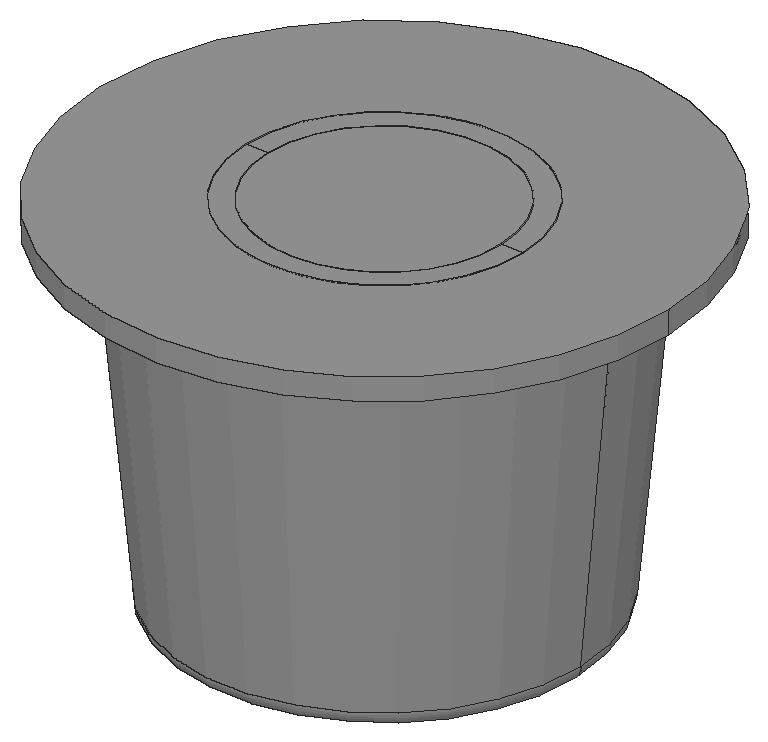
Revit family "3079344 Feilo Sylvania Lighting Fixture INST ECO KIT LED BA 36° NW DIMMABLE", category Lighting Fixtures, host Face, Revit 2017
Family settings
  Host = Face
  Round Connector Dimension = Use Diameter
  Part Type = Normal
  OmniClass Number = 23.80.70.11.17
  OmniClass Title = Specialized Lighting by Location or Use
  Cut with Voids When Loaded = No
  Light Source = Yes
  Shared = No
  Room Calculation Point = No
Parameters (values of type "3079344 INST ECO KIT LED BA 36° NW DIMMABLE")
  Weight = "7.04 kg"
  WarrantyStartDate [instance] = "n/a"
  WarrantyGuarantorParts = "n/a"
  WarrantyDurationUnit = "n/a"
  WarrantyDurationParts = "n/a"
  WarrantyDescription = "n/a"
  Voltage = 230 V
  TypeName = "INST ECO KIT LED BA 36° NW DIMMABLE"
  SerialNumber [instance] = "n/a"
  ReflectorRadius_FEILO = ReflectorDiameter_FEILO / 2  # 19.0 mm
  PowerFactor = 0
  PowerConsumption = "10 W"
  NominalWidth = 0.0 mm
  NominalLength = 78.0 mm
  NominalHeight = 50.0 mm
  Name = "INST ECO KIT LED BA 36° NW DIMMABLE"
  ModelReference = "INST ECO KIT LED BA 36° NW DIMMABLE"
  ModelNumber = "3079344"
  Material_1_FEILO = Steel_Sylvania_Instar Eco Kit LED Fixed SunDim_Silver
  ReflectorDiameter_FEILO = Diameter_FEILO - 40.0 mm  # 38.0 mm
  Radius_FEILO = 39.0 mm
  Material = "aluminium housing, plastic diffuser"
  ManufacturerName = "Feilo Sylvania"
  LuminousEfficacy = "51.5 lm/W"
  LuminaireType = ""
  LightOutputRatio = "100"
  LampsType = Lamp  # "LED"
  LampNominalLuminous = "515 lm"
  LampMacAdamStep = "n/a"
  LampColourTemperature = "4000 K"
  LampColourRenderingIndex = "83"
  Keynote = "16500"
  InstallationDate [instance] = "n/a"
  InputVoltage = "220-240V~"
  InputNominalFrequency = "n/a"
  IngressProtection = "IP44"
  ImpactProtectionIndex = "IK02"
  IfcExportType = "IfcLightFixtureType"
  IfcExportAs = "IfcLightFixtureType"
  HousingRadius_FEILO = ReflectorRadius_FEILO + 12.0 mm  # 31.0 mm
  ExpectedLife = 50000
  ElectricShockClassification = "Class II"
  DurationUnit = "hours"
  DocumentationLiterature = "http://www.sylvania-lighting.com/product/en-int/products/3079344"
  DimmingControlOptions = "Dimmable"
  DiffuserDiameter_FEILO = Diameter_FEILO - 46.0 mm  # 32.0 mm
  Diameter_FEILO = Radius_FEILO * 2  # 78.0 mm
  Wattage = 10 W
  built-in parameter 1150110 = 1 (stored number, unit not read)
  URL = "http://www.sylvania-lighting.com"
  built-in parameter 1114217 = 1 (stored number, unit not read)
  Tilt Angle = -90°
  built-in parameter 1150109 = 1 (stored number, unit not read)
  built-in parameter 1150134 = 12
  built-in parameter 1150113 = 1 (stored number, unit not read)
  Photometric Web File = "3079344.ies"
  Emit from Circle Diameter = DiffuserDiameter_FEILO  # 32.0 mm
  Emit Shape Visible in Rendering = no
  Material_2_FEILO = Polycarbonate_Sylvania_Instar Eco Kit LED Fixed SunDimi_Clear
  CutoutDiameter_FEILO = Diameter_FEILO - 10.0 mm  # 68.0 mm
  CreatedOn = "2/19/2018"
  CreatedBy = ""
  built-in parameter 1114216 [instance] = 1 (stored number, unit not read)
  Model = "INST ECO KIT LED BA 36° NW DIMMABLE"
  Manufacturer = "Feilo Sylvania"  # constant formula
  built-in parameter 1150105 = 981.6 (stored number, unit not read)
  Lumens = 515 lm
  built-in parameter 1150115 = 1 (stored number, unit not read)
  built-in parameter 1150137 = (empty or 0)
  built-in parameter 1150139 = (empty or 0)
  built-in parameter 1150112 = 1 (stored number, unit not read)
  built-in parameter 1150114 = 1 (stored number, unit not read)
  Lamp = "LED"
  built-in parameter 1150132 = 2
  built-in parameter 1150102 = (empty or 0)
  built-in parameter 1150107 = 4000 (stored number, unit not read)
  built-in parameter 1150138 = (empty or 0)
  built-in parameter 1150106 = 9.816 (stored number, unit not read)
  Material_3_FEILO = Steel_Sylvania_Instar Eco Kit LED Fixed SunDim_Silver
  built-in parameter 1150104 = 4.7845 (stored number, unit not read)
  Dimming Lamp Color Temperature Shift = <None>
  Description = "Significant energy savings compared to traditional CFL and 2D fixtures . Excellent flashing provides perfect homogenous light distribution . Unique feature allowing a choice between High Output or High efficiency with the flick of a switch. 50,000 hours life, providing a maintenance free lighting solution . Halo backlight . IP65 fitting resistant to dust and water jet ingress. Tamper resistant locking feature . Ceiling or wall mounted . Integral emergency options suitable for use on defined escape routes. Low profile fitting . Choice of White and Brushed Aluminium trim finishes. Option to add microwave sensor for maximum energy savings"  # constant formula
  Default Elevation = 0.0 mm
  Color Filter = 16777215
  built-in parameter 1140040 [instance] = 1
  BarCode [instance] = "n/a"
  built-in parameter 1114218 = 1 (stored number, unit not read)
  built-in parameter 1150133 = 10 (stored number, unit not read)
  AssetType = "Fixed"
  AssetIdentifier [instance] = "n/a"
  Assembly Code = "D5020200"
  Apparent Load = 10 VA
  Material_4_FEILO = Steel_Sylvania_Instar Eco Kit LED Fixed SunDim_Silver
Reference planes
  plane 1 "Center (Front/Back)": y = 0
  plane 2: z = 0
  plane 3 "Center (Left/Right)": x = 0
  plane 4 "Fixture Bottom": z = 3
  plane 5 "Reflector Top": z = -17.5
  plane 6 "Fixture Top": z = -47
  plane 7: z = -3.024
Forms (mm)
  Extrusion 1, solid, material "Steel_Sylvania_Instar Eco Kit LED Fixed SunDim_Silver" <- "Material_4_FEILO", detail levels fine
    sketch origin (0, 0, 59) x (-1, 0, 0) y (0, -1, 0)
      loop
        circle (0, 0) r 39
      loop
        circle (0, 0) r 19
    from -59 to -56
  Revolve 2, solid, material "Steel_Sylvania_Instar Eco Kit LED Fixed SunDim_Silver" <- "Material_1_FEILO", detail levels fine
    sketch origin (0, 0, 0) x (1, 0, 0) y (0, 0, 1)
      loop
        line (-19, 3) -> (-19, -1) -> (-16, -1)
        arc (-16, -1) -> (-13.541, -10.449) -> (-6.787, -17.5) r 19.382
        line (-6.787, -17.5) -> (0, -17.5) -> (0, -16.5) -> (-6.5, -16.5)
        arc (-6.5, -16.5) -> (-12.736, -9.839) -> (-15, -1) r 18.382
        line (-15, -1) -> (-15, 0) -> (-16, 0) -> (-16, 3) -> (-19, 3)
      axis (0, 3) -> (0, -17.5)
    angle from 0 to 360
  Extrusion 3, solid, material "Polycarbonate_Sylvania_Instar Eco Kit LED Fixed SunDimi_Clear" <- "Material_2_FEILO", detail levels fine
    sketch origin (0, 0, 59) x (-1, 0, 0) y (0, -1, 0)
      loop
        circle (0, 0) r 16
    from -59 to -56
  Revolve 4, solid, material "Steel_Sylvania_Instar Eco Kit LED Fixed SunDim_Silver" <- "Material_3_FEILO", detail levels fine
    sketch origin (0, 0, 0) x (1, 0, 0) y (0, 0, 1)
      loop
        line (-31, -3.024) -> (-27, -45)
        arc (-27, -45) -> (-26.414, -46.414) -> (-25, -47) r 2
        line (-25, -47) -> (0, -47) -> (0, -45) -> (-24.991, -45) -> (-29, -2.929) -> (-29, 0) -> (-31, 0) -> (-31, -3.024)
      axis (0, 0) -> (0, -47)
    angle from 0 to 360
  Extrusion 5, void
    sketch origin (0, 0, 59) x (-1, 0, 0) y (0, -1, 0)
      loop
        circle (0, 0) r 34
    from -106 to -56
  Revolve 6, solid, material "Steel_Sylvania_Instar Eco Kit LED Fixed SunDim_Silver" <- "Material_4_FEILO", detail levels coarse+medium
    sketch origin (0, 0, 0) x (1, 0, 0) y (0, 0, 1)
      loop
        line (-31, -3.024) -> (-26.809, -47) -> (0, -47) -> (0, 3) -> (-39, 3) -> (-39, 0) -> (-31, 0) -> (-31, -3.024)
      axis (0, 3) -> (0, -47)
    angle from 0 to 360
Dimensions and locks
  plane 4 "Fixture Bottom" to plane 2 to plane 7 to plane 5 "Reflector Top" = 3.0 mm locked, 3.024 mm locked, 14.476 mm locked
  "ReflectorRadius_FEILO": plane 3 "Center (Left/Right)" to Revolve 2 sketch curve
  Revolve 2 sketch curve to Revolve 2 sketch curve to Revolve 2 sketch curve to Revolve 2 sketch curve = 3.0 mm locked, 1.0 mm locked, 8.5 mm locked
  locked: plane 4 "Fixture Bottom" to Revolve 2 sketch curve at 4
  locked: Revolve 2 sketch curve to Revolve 2 sketch curve at 1
  locked: Revolve 2 sketch curve to plane 5 "Reflector Top" at 1
  plane 4 "Fixture Bottom" to plane 6 "Fixture Top" = 50.0 mm
  "HousingRadius_FEILO": plane 3 "Center (Left/Right)" to Revolve 4 sketch curve
  locked: Revolve 4 sketch curve to Revolve 4 sketch curve at 4
  locked: Revolve 4 sketch curve to Revolve 4 sketch curve at 6
  locked: Revolve 4 sketch curve to Revolve 4 sketch curve at 2  (x2)
  locked: Revolve 4 sketch curve to plane 6 "Fixture Top" at 2
  "Radius_FEILO": plane 3 "Center (Left/Right)" to Revolve 6 sketch curve
  Revolve 6 sketch curve to Revolve 6 sketch curve to Revolve 6 sketch curve = 4.191 mm locked, 8.0 mm locked
  "Diameter_FEILO": diameter of Extrusion 1 sketch curve
  "ReflectorDiameter_FEILO": diameter of Extrusion 1 sketch curve
  "DiffuserDiameter_FEILO": diameter of Extrusion 3 sketch curve
  "CutoutDiameter_FEILO": diameter of Extrusion 5 sketch curve
  aligned and locked: plane 2 to host face
  aligned and locked: level to host face
  aligned and locked: Extrusion 1 to plane 2
  aligned and locked: plane 4 "Fixture Bottom" to Extrusion 1
  aligned and locked: Extrusion 1 to Revolve 2 sketch curve
  aligned and locked: Revolve 2 sketch curve to plane 5 "Reflector Top"
  aligned and locked: Revolve 2 sketch curve to plane 3 "Center (Left/Right)"
  aligned and locked: Revolve 2 sketch curve to Revolve 2 sketch curve
  aligned and locked: Extrusion 3 to plane 2
  aligned and locked: plane 4 "Fixture Bottom" to Extrusion 3
  aligned and locked: Revolve 4 sketch curve to plane 2
  aligned and locked: Revolve 4 sketch curve to plane 3 "Center (Left/Right)"  (x2)
  aligned and locked: plane 6 "Fixture Top" to Extrusion 5
  aligned and locked: plane 4 "Fixture Bottom" to Extrusion 5
  aligned and locked: Revolve 6 sketch curve to plane 4 "Fixture Bottom"
  aligned and locked: Revolve 6 sketch curve to plane 2
  aligned and locked: Revolve 6 sketch curve to plane 6 "Fixture Top"
  aligned and locked: plane 1 "Center (Front/Back)" to imposter light
  aligned and locked: plane 3 "Center (Left/Right)" to imposter light
  aligned and locked: imposter light to plane 4 "Fixture Bottom"
Automatic sketch dimensions
  host sketch curve to host sketch curve = 1525.184 mm
  host sketch curve to host sketch curve = 1539.302 mm
  Extrusion 1 sketch curve to Extrusion 1 sketch curve = 0.0 mm  (x2)
  plane 1 "Center (Front/Back)" to Extrusion 1 sketch curve = 0.0 mm
  Extrusion 1 sketch curve to plane 3 "Center (Left/Right)" = 0.0 mm
  Revolve 2 sketch curve to Revolve 2 sketch curve = 0.0 mm  (x2)
  Revolve 2 sketch curve to plane 3 "Center (Left/Right)" = 0.0 mm
  Revolve 2 sketch curve to level = 0.0 mm
  plane 6 "Fixture Top" to Revolve 2 sketch curve = 306.274 mm
  plane 4 "Fixture Bottom" to Revolve 2 sketch curve = 426.738 mm
  plane 1 "Center (Front/Back)" to Extrusion 3 sketch curve = 0.0 mm
  Extrusion 3 sketch curve to plane 3 "Center (Left/Right)" = 0.0 mm
  Revolve 4 sketch curve to plane 6 "Fixture Top" = 0.0 mm
  Revolve 4 sketch curve to plane 7 = 0.0 mm
  plane 6 "Fixture Top" to Revolve 4 sketch curve = 325.274 mm
  plane 4 "Fixture Bottom" to Revolve 4 sketch curve = 446.738 mm
  plane 1 "Center (Front/Back)" to Extrusion 5 sketch curve = 0.0 mm
  Extrusion 5 sketch curve to plane 3 "Center (Left/Right)" = 0.0 mm
  Revolve 6 sketch curve to plane 3 "Center (Left/Right)" = 0.0 mm  (x2)
  Revolve 6 sketch curve to plane 7 = 0.0 mm
  Revolve 6 sketch curve to plane 4 "Fixture Bottom" = 0.0 mm
  plane 6 "Fixture Top" to Revolve 6 sketch curve = 325.274 mm
Connectors
  electrical at (0, 0, -47), driven by "Apparent Load", driven by "Voltage", driven by "PowerFactor"
    settings: on Revolve 6, index 1, voltage 230 V, apparent load 0 VA, apparent load phase1 10 VA, apparent load phase2 0 VA, apparent load phase3 0 VA, power factor 0, load classification "Lighting", number of poles 1, system type 31, power factor state 1, is connector primary yes, connector utility no, sub classification motor no, connector description ""
